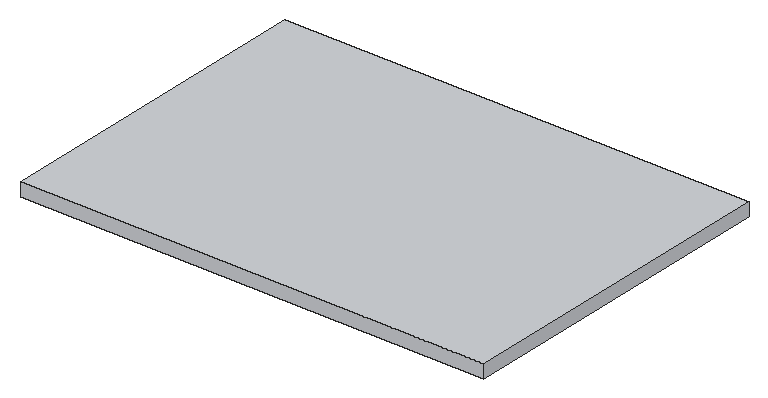
Revit family "XT ECO - LI", category Aparatos sanitarios, Revit 2016
Family settings
  Anfitrión = Cara
  Tipo de pieza = Normal
  Cota de conector redondo = Diámetro de uso
  Número OmniClass = 23.45.05.14.14
  Título OmniClass = Sinks/Lavatories
  Corte con vacíos al cargar = No
  Compartido = No
  Punto de cálculo de habitación = No
Parameters (values of type "Pulsación antiblocaje")
  WFU = 0
  URL = "http://www.prestoiberica.com"
  Sistema = "AFS / ACS"
  Referencia = "11212 / 11213"
  Peso = 0.777 kg
  Notas de suministro = "Suministrado con arandela, junta y tuerca de fijación."
  Modelo = "PRESTO XT ECO - LI"
  Material = Latón, cromado
  HWFU = 0
  Fabricante = "PRESTO IBÉRICA"
  Email = "info@prestoiberica.com"
  Teléfono = "+34 915 782 575"
  Default Elevation = 48"
  Diámetro entrada = 1/2"
  Descripción = "Cuerpo y pulsador en latón cromado, piezas interiores en materiales resistentes a la corrosión e incrustaciones calcáreas."
  Código de montaje = "D2020"
  Comentarios de tipo = "Fabricado con materiales de alta resistencia y duración. Cabeza intercambiable que comprende todo el mecanismo del grifo."
  Cierre = "10 seg."
  Caudal = 2.0 L/min
  CWFU = 1
  Accionamiento = "Por pulsador antiblocaje"
Types (4): name | Referencia | Accionamiento
  (no name) | "11212 / 11213" | "Por pulsador antiblocaje"
  Pulsación suave | "11201 / 11221" | "Por pulsador suave"
  Pulsación normal | "11232 / 11233" | "Por pulsador normal"
  Pulsación antiblocaje | "11212 / 11213" | "Por pulsador antiblocaje"
Reference planes (in)
  plane 1 "Centro (Frontal/Posterior)": y = 0
  plane 2: z = 0
  plane 3 "Centro (Izquierda/Derecha)": x = 0
Forms (in)
  Extrusion 1, solid
    sketch origin (0, 0, 0) x (1, 0, 0) y (0, 1, 0)
      loop
        line (-6.44299, 4.74141) -> (-6.44299, -4.80498) -> (6.97478, -4.80498) -> (6.97478, 4.74141) -> (-6.44299, 4.74141)
    from 0 to -0.38452
Dimensions and locks (in)
  aligned and locked: plane 2 to Extrusion 1
  aligned and locked: level to Extrusion 1
Connectors (in)
  piping at (0, 0.04724, 0.31496), diameter 0.5, driven by "Caudal", driven by "Diámetro entrada"
    settings: on import instance, index 1, connector inside diameter 609.6 mm, connector length 0", flow factor 0, pipe flow 2.0 L/min, pressure drop 0.0 Pa, fitting loss kfactor 0, connector angle 0.00°, fixture units 0, engagement length 0", angle of deflection 0.00°, flow configuration 0, flow direction 1, fitting loss method 0, system type 20, joint type 0, gender type 0, connector reference index -1, connector utility 0, adjustable connector no, is connector primary yes, connector description ""
